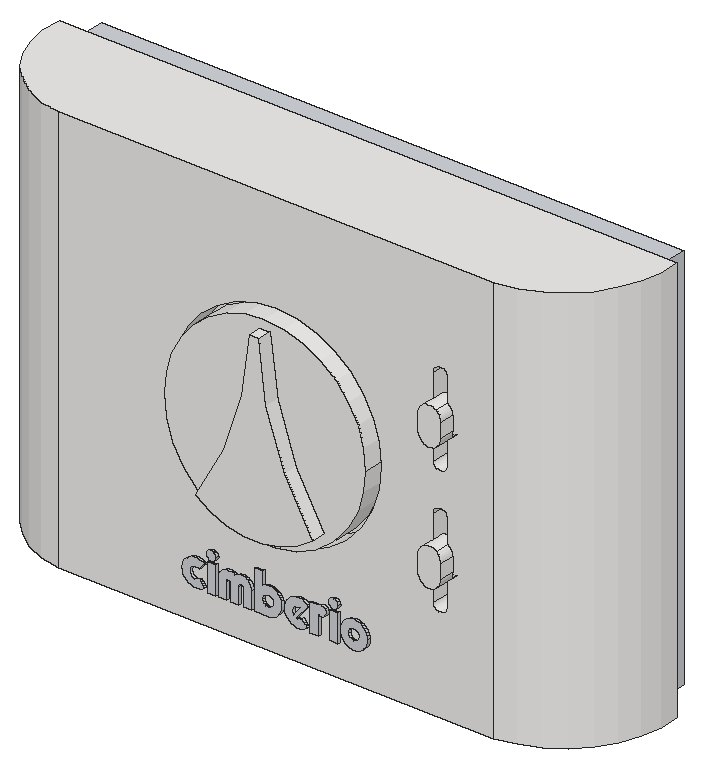
Revit family "AC00400000", category Apparecchi idraulici, Revit 2020
Family settings
  Quota connettore circolare = Usa diametro
  Tipo di parte = Normale
  Numero OmniClass = 23.45.00.00
  Titolo OmniClass = Sanitary, Laundry, and Cleaning Equipment
  Basato su piano di lavoro = No
  Sempre verticale = Sì
  Taglio con vuoti quando caricato = No
  Condiviso = No
  Punto di calcolo locali = No
Parameters
  URL = "https://web.cimberio.com/index.php/figura/1559?subcategoria_id="
  Temperatura di esercizio = ""
  Prospetto di default = 0 mm
  Produttore = "CIMBERIO SPA"
  Pressione nominale = ""
  Modello = "Cim TA/M"
  Materiale = ""
  Descrizione = "Realizzato in ottemperanza ai requisiti gestionali della norma EN ISO 9001.\r\nUtilizzato per la regolazione della temperatura degli ambienti e comandare apparecchi degli impianti di riscaldamento e condizionamento."
  DN [instance] = 0 mm
  Type Comments = ""
Reference planes
  plane 1 "Centro (Fronte/Retro)": y = 0
  plane 2: z = 0
  plane 3 "Centro (Sinistra/Destra)": x = 0
  plane 4 "DWG": y = -31
Forms (mm)
  Extrusion 1, solid
    sketch origin (0, 0, 0) x (1, 0, 0) y (0, 1, 0)
      loop
        line (-62, 0) -> (-62, -4) -> (62, -4) -> (62, 0) -> (-62, 0)
    from 2 to 85
  Extrusion 2, solid
    sketch origin (0, 0, 0) x (1, 0, 0) y (0, 1, 0)
      loop
        arc (-62, -4) -> (-63.414, -4.586) -> (-64, -6) r 2
        line (-64, -6) -> (-64, -7.019) -> (64, -7.019) -> (64, -6)
        arc (64, -6) -> (63.414, -4.586) -> (62, -4) r 2
        line (62, -4) -> (-62, -4)
    from 2 to 85
  Extrusion 3, solid, material "Cim_Plastica bianca"
    sketch origin (0, 0, 0) x (1, 0, 0) y (0, 1, 0)
      loop
        line (65.85, -6.5) -> (-65.85, -6.5)
        arc (-65.85, -6.5) -> (-61.255, -22.794) -> (-46.446, -31) r 22
        line (-46.446, -31) -> (46.446, -31)
        arc (46.446, -31) -> (61.255, -22.794) -> (65.85, -6.5) r 22
    from 0 to 87
  Extrusion 4, solid
    sketch origin (-0.911, 0, 0.161) x (1, 0, 0) y (0, 0, 1)
      loop
        line (-15.15, 10.411) -> (-14.021, 11.758)
        arc (-14.021, 11.758) -> (-18.834, 9.513) -> (-14.021, 7.269) r 2.93
        line (-14.021, 7.269) -> (-15.15, 8.615)
        arc (-15.15, 8.615) -> (-17.076, 9.513) -> (-15.15, 10.411) r 1.172
      loop
        circle (-12.556, 13.908) r 0.996
      loop
        line (-11.677, 12.443) -> (-13.435, 12.443) -> (-13.435, 6.583) -> (-11.677, 6.583) -> (-11.677, 12.443)
      loop
        arc (-7.516, 11.989) -> (-9.853, 12.211) -> (-11.091, 10.216) r 2.227
        line (-11.091, 10.216) -> (-11.091, 6.583) -> (-9.333, 6.583) -> (-9.333, 10.216)
        arc (-9.333, 10.216) -> (-8.864, 10.685) -> (-8.395, 10.216) r 0.469
        line (-8.395, 10.216) -> (-8.395, 6.583) -> (-6.637, 6.583) -> (-6.637, 10.216)
        arc (-6.637, 10.216) -> (-6.168, 10.685) -> (-5.7, 10.216) r 0.469
        line (-5.7, 10.216) -> (-5.7, 6.583) -> (-3.942, 6.583) -> (-3.942, 10.216)
        arc (-3.942, 10.216) -> (-5.179, 12.211) -> (-7.516, 11.989) r 2.227
      loop
        line (-3.356, 14.787) -> (-3.356, 6.583) -> (-0.426, 6.583)
        arc (-0.426, 6.583) -> (2.442, 10.112) -> (-1.598, 12.198) r 2.93
        line (-1.598, 12.198) -> (-1.598, 14.787) -> (-3.356, 14.787)
      loop
        circle (-0.426, 9.513) r 1.172
      loop
        arc (6.469, 10.596) -> (5.122, 10.266) -> (5.032, 8.883) r 1.172
        line (5.032, 8.883) -> (6.469, 10.596)
      loop
        arc (8.159, 11.515) -> (3.095, 9.689) -> (7.903, 7.269) r 2.93
        line (7.903, 7.269) -> (6.773, 8.615)
        arc (6.773, 8.615) -> (6.198, 8.355) -> (5.57, 8.431) r 1.172
        line (5.57, 8.431) -> (8.159, 11.515)
      loop
        line (8.489, 12.443) -> (8.489, 6.583) -> (10.247, 6.583) -> (10.247, 10.836)
        arc (10.247, 10.836) -> (12.005, 11.652) -> (10.236, 12.443) r 1.065
        line (10.236, 12.443) -> (8.489, 12.443)
      loop
        line (12.591, 12.443) -> (12.591, 6.583) -> (14.349, 6.583) -> (14.349, 12.443) -> (12.591, 12.443)
      loop
        circle (13.47, 13.908) r 0.996
      loop
        circle (17.865, 9.513) r 2.93
      loop
        circle (17.865, 9.513) r 1.16
    from 20.548 to 31.5
  Extrusion 5, void
    sketch origin (25, -29, 0) x (-1, 0, 0) y (0, 0, -1)
      loop
        circle (25, -43.5) r 22.5
      loop
        arc (-11.5, -65.501) -> (-9.999, -67) -> (-8.5, -65.498) r 1.5
        line (-8.5, -65.498) -> (-8.5, -48.498)
        arc (-8.5, -48.498) -> (-10.001, -47) -> (-11.5, -48.501) r 1.5
        line (-11.5, -48.501) -> (-11.5, -65.501)
      loop
        arc (-11.5, -38.501) -> (-9.999, -40) -> (-8.5, -38.498) r 1.5
        line (-8.5, -38.498) -> (-8.5, -21.498)
        arc (-8.5, -21.498) -> (-10.001, -20) -> (-11.5, -21.501) r 1.5
        line (-11.5, -21.501) -> (-11.5, -38.501)
    from -4.374 to 2
  Extrusion 6, solid, material "Cim_Plastica bianca"
    sketch origin (25, -29, 0) x (-1, 0, 0) y (0, 0, -1)
      loop
        circle (25, -43.5) r 21.5
      loop
        arc (-8.5, -60.5) -> (-7.764, -59.618) -> (-7.5, -58.5) r 2.5
        line (-7.5, -58.5) -> (-7.5, -55.5)
        arc (-7.5, -55.5) -> (-7.764, -54.382) -> (-8.5, -53.5) r 2.5
        arc (-8.5, -53.5) -> (-10, -53) -> (-11.5, -53.5) r 2.5
        arc (-11.5, -53.5) -> (-12.236, -54.382) -> (-12.5, -55.5) r 2.5
        line (-12.5, -55.5) -> (-12.5, -58.5)
        arc (-12.5, -58.5) -> (-12.236, -59.618) -> (-11.5, -60.5) r 2.5
        arc (-11.5, -60.5) -> (-10, -61) -> (-8.5, -60.5) r 2.5
      loop
        arc (-11.5, -33.5) -> (-10, -34) -> (-8.5, -33.5) r 2.5
        arc (-8.5, -33.5) -> (-7.764, -32.618) -> (-7.5, -31.5) r 2.5
        line (-7.5, -31.5) -> (-7.5, -28.5)
        arc (-7.5, -28.5) -> (-7.764, -27.382) -> (-8.5, -26.5) r 2.5
        arc (-8.5, -26.5) -> (-10, -26) -> (-11.5, -26.5) r 2.5
        arc (-11.5, -26.5) -> (-12.236, -27.382) -> (-12.5, -28.5) r 2.5
        line (-12.5, -28.5) -> (-12.5, -31.5)
        arc (-12.5, -31.5) -> (-12.236, -32.618) -> (-11.5, -33.5) r 2.5
    from 0 to 5
  Extrusion 7, solid, material "Cim_Plastica bianca"
    sketch origin (25, -34, 0) x (-1, 0, 0) y (0, 0, -1)
      loop
        arc (37.5, -28.533) -> (25, -24) -> (12.5, -28.533) r 19.5
        arc (12.5, -28.533) -> (20.727, -44.94) -> (24, -63) r 64.5
        line (24, -63) -> (26, -63)
        arc (26, -63) -> (29.273, -44.94) -> (37.5, -28.533) r 64.5
    from 0 to 3
Cuts and joins
  Extrusion 5 cuts Extrusion 3
Dimensions and locks
  aligned and locked: level to plane 2
